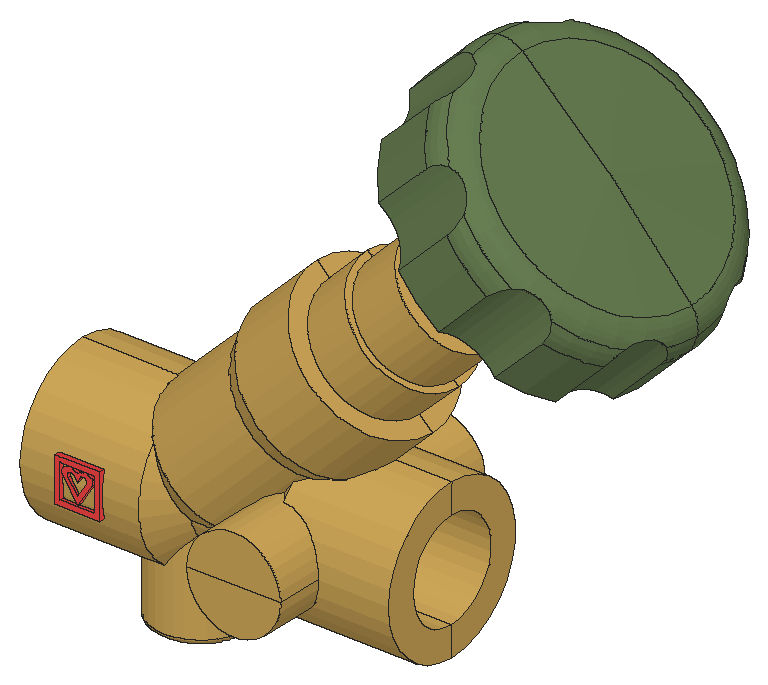
Revit family "HERZ Backflow Preventer With Check Valve 4126", category Rohrzubehör, Revit 2019
Family settings
  Bemaßung runder Anschluss = Durchmesser verwenden
  Teiletyp = Unterbricht
  OmniClass-Nummer = 23.65.55.14
  OmniClass-Titel = Valves for Liquid Services
  Arbeitsebenenbasiert = Nein
  Immer vertikal = Ja
  Beim Laden mit Abzugskörper schneiden = Nein
  Gemeinsam genutzt = Nein
Parameters
  Part number [instance] = size_lookup("4126_", "Artnr", 0, Nennweite)  # 2412602
  Operating pressure from the backflow preventer = "acc. to DIN EN 13959"  # constant formula
  W01 = 45.00°  # constant formula
  URL = "www.herzvalves.com"
  Spindle = "forged brass CW617N"  # constant formula
  SW01 = 60.00°  # constant formula
  SC_NennweiteBerechnet = 0
  SC_Dimension = ""
  SCTWSEQ = "FW;SBT_TYP_FW=\"109\";2"
  SCTWCODE = "04;00;02"  # constant formula
  S03 = 60.000 mm  # constant formula
  S02 [instance] = L06 + L09 + L12 + L15  # 95.900 mm
  S01 [instance] = R01 * 2  # 32.000 mm
  R12 [instance] = R01 - 1.000 mm  # 15.000 mm
  R11 [instance] = size_lookup("4126_", "R11", 46.500 mm, Nennweite)  # 5.400 mm
  R100 = 1.000 mm  # constant formula
  R10 [instance] = size_lookup("4126_", "R10", 46.500 mm, Nennweite)  # 8.500 mm
  R09 [instance] = size_lookup("4126_", "R9", 46.500 mm, Nennweite)  # 11.750 mm
  R08 [instance] = size_lookup("4126_", "R8", 46.500 mm, Nennweite)  # 13.000 mm
  R07 [instance] = size_lookup("4126_", "R7", 46.500 mm, Nennweite)  # 16.500 mm
  R06 [instance] = size_lookup("4126_", "R6", 43.000 mm, Nennweite)  # 14.600 mm
  R05 [instance] = Nennweite / 2  # 10.000 mm
  R04 [instance] = size_lookup("4126_", "R4", 11.500 mm, Nennweite)  # 9.500 mm
  R03 = 9.500 mm  # constant formula
  R02 [instance] = Nennweite / 2  # 10.000 mm
  R01 [instance] = size_lookup("4126_", "R1", 11.500 mm, Nennweite)  # 16.000 mm
  Note = "Pursuant to Article 33 of the REACH Regulation (EC No. 1907/2006), we are obliged to point out that the material lead is listed on the SVHC list and that all brass components manufactured in our products exceed 0.1% (w / w) lead (CAS: 7439-92-1 / EINECS: 231-100-4).\r\nSince lead is a component part of an alloy, actual exposure is not possible and therefore no additional information on safe use is necessary."
  Nennweite [instance] = 20.000 mm
  Medium = "Water"  # constant formula
  Max. operating temperature = 80 °C  # constant formula
  Max. operating pressure = 1600000.0 Pa  # constant formula
  Max. differential pressure on closed seat = 1000000.0 Pa  # constant formula
  L16 [instance] = L01 / 2  # 12.000 mm
  L15 [instance] = size_lookup("4126_", "L15", 12.400 mm, Nennweite)  # 12.400 mm
  L14 [instance] = size_lookup("4126_", "L14", 81.000 mm, Nennweite)  # 8.000 mm
  L12 [instance] = size_lookup("4126_", "L12", 81.000 mm, Nennweite)  # 33.500 mm
  L11 [instance] = size_lookup("4126_", "L11", 60.000 mm, Nennweite)  # 12.500 mm
  L10 [instance] = size_lookup("4126_", "L10", 20.000 mm, Nennweite)  # 11.000 mm
  L09 [instance] = size_lookup("4126_", "L9", 11.000 mm, Nennweite)  # 15.500 mm
  L08 [instance] = size_lookup("4126_", "L8", 35.000 mm, Nennweite)  # 30.100 mm
  L07 [instance] = size_lookup("4126_", "L7", 35.000 mm, Nennweite)  # 13.500 mm
  L06 [instance] = size_lookup("4126_", "L6", 118.000 mm, Nennweite) - L09  # 34.500 mm
  L05 [instance] = size_lookup("4126_", "L5", 44.000 mm, Nennweite)  # 26.500 mm
  L04 [instance] = size_lookup("4126_", "L4", 45.000 mm, Nennweite)  # 25.500 mm
  L03 = 15.000 mm  # constant formula
  L02 [instance] = size_lookup("4126_", "L2", 22.000 mm, Nennweite)  # 8.000 mm
  L01 [instance] = size_lookup("4126_", "L1", 48.000 mm, Nennweite)  # 24.000 mm
  L00 [instance] = size_lookup("4126_", "L", 180.000 mm, Nennweite)  # 75.000 mm
  Bonnet = "forged brass CW617N"  # constant formula
  Hersteller = "HERZ Armaturen Ges.m.b.H."  # constant formula
  Hand wheel = "plastic, green"  # constant formula
  H01 [instance] = size_lookup("4126_", "H1", 53.000 mm, Nennweite)  # 26.400 mm
  Occasional temperature rises = "up to 95°C, if they do not last longer than 1 h"  # constant formula
  DN50 [instance] = Nennweite = 50.000 mm  # no
  DN40 [instance] = Nennweite = 40.000 mm  # no
  DN32 [instance] = Nennweite = 32.000 mm  # no
  DN25-DN50 [instance] = or(Nennweite = 25.000 mm, Nennweite = 32.000 mm, Nennweite = 40.000 mm, Nennweite = 50.000 mm)  # no
  DN25 [instance] = Nennweite = 25.000 mm  # no
  DN20 [instance] = Nennweite = 20.000 mm  # yes
  DN15 [instance] = Nennweite = 15.000 mm  # no
  Body = "DZR brass CC770S"  # constant formula
  Application = "For shutting off drinking water installations and circulation pipes in buildings."
Reference planes
  plane 1 "Mitte (Vorne/hinten)": y = 0
  plane 2: z = 0
  plane 3 "Mitte (Links/rechts)": x = 0
Forms (mm)
  Revolve 1, solid, material "Messing, weicher Gelbton, geschweißt", detail levels fine
    sketch origin (470, 0, 0) x (1, 0, 0) y (0, 0, 1)
      loop
        line (-507.5, 10) -> (-492.5, 10) -> (-492.5, 0) -> (-447.5, 0) -> (-447.5, 10) -> (-432.5, 10) -> (-432.5, 16) -> (-456.5, 16) -> (-462, 10) -> (-478, 10) -> (-483.5, 16) -> (-507.5, 16) -> (-507.5, 10)
      axis (-507.5, 0) -> (-432.5, 0)
    angle from 0 to 360
  Revolve 2, solid, material "Messing, weicher Gelbton, geschweißt", detail levels fine
    sketch origin (470, 0, 0) x (1, 0, 0) y (0, 0, 1)
      loop
        line (-493, 0) -> (-493, -25.4)
        arc (-493, -25.4) -> (-492.707, -26.107) -> (-492, -26.4) r 1
        line (-492, -26.4) -> (-483.5, -26.4) -> (-483.5, 0) -> (-493, 0)
      axis (-483.5, 0) -> (-483.5, -26.4)
    angle from 0 to 360
  Revolve 3, solid, material "Messing, weicher Gelbton, geschweißt", detail levels fine
    sketch origin (0, 0, 0) x (1, 0, 0) y (0, 1, 0)
      loop
        line (13.5, -25.5) -> (23, -25.5) -> (23, 26.5) -> (13.5, 26.5) -> (13.5, -25.5)
      axis (13.5, -25.5) -> (13.5, 26.5)
    angle from 0 to 360
  Revolve 4, solid, material "Messing, weicher Gelbton, geschweißt", visible <- "DN25-DN50", detail levels fine
    sketch origin (-470, 0, 0) x (-1, 0, 0) y (0, 0, 1)
      loop
        line (-493, 0) -> (-493, -25.4)
        arc (-493, -25.4) -> (-492.707, -26.107) -> (-492, -26.4) r 1
        line (-492, -26.4) -> (-483.5, -26.4) -> (-483.5, 0) -> (-493, 0)
      axis (-483.5, 0) -> (-483.5, -26.4)
    angle from 0 to 360
  Revolve 5, solid, material "Messing, weicher Gelbton, geschweißt", detail levels fine
    sketch origin (0.32, 0, -0.105) x (1, 0, 0) y (0, 0, 1)
      loop
        line (-13.82, 0) -> (53.991, 67.812) -> (50.173, 71.63) -> (41.405, 62.862) -> (39.213, 65.054) -> (32.142, 57.983) -> (29.844, 60.281) -> (21.005, 51.442) -> (20.121, 52.326) -> (12.343, 44.548) -> (9.868, 47.023) -> (-1.092, 36.062) -> (-2.86, 31.608) -> (-18.487, 15.981) -> (-20.891, 7.071) -> (-13.82, 0)
      axis (-13.82, 0) -> (53.991, 67.812)
    angle from 0 to 360
Lines and regions (mm)
  model lines, detail levels coarse+medium
    curve 1: line (-37.5, 0, 16) -> (-37.5, 0, -16)
    curve 2: line (-37.5, 0, -16) -> (37.5, 0, 16)
    curve 3: line (37.5, 0, 16) -> (37.5, 0, -16)
    curve 4: line (37.5, 0, -16) -> (-37.5, 0, 16)
    curve 5: line (0, 0, 0) -> (47.95, 0, 83.052)
    curve 6: line (21.969, 0, 98.052) -> (73.931, 0, 68.052)
    curve 7: line (-37.5, -16, 0) -> (-37.5, 16, 0)
    curve 8: line (-37.5, 16, 0) -> (37.5, -16, 0)
    curve 9: line (37.5, -16, 0) -> (37.5, 16, 0)
    curve 10: line (37.5, 16, 0) -> (-37.5, -16, 0)
    curve 11: line (0, 0, 0) -> (47.95, 83.052, 0)
    curve 12: line (21.969, 98.052, 0) -> (73.931, 68.052, 0)
Dimensions and locks
  "H01": plane 2 to Revolve 2 sketch curve
  "L00": Revolve 1 sketch curve to Revolve 1 sketch curve
  equal spacing: Revolve 1 sketch curve, plane 3 "Mitte (Links/rechts)", Revolve 1 sketch curve
  "R01": Revolve 1 sketch curve to Revolve 1 sketch curve  (x2)
  "R02": Revolve 1 sketch curve to Revolve 1 sketch curve  (x3)
  "L01": Revolve 1 sketch curve to Revolve 1 sketch curve  (x2)
  "L02": plane 3 "Mitte (Links/rechts)" to Revolve 1 sketch curve
  "L02": Revolve 1 sketch curve to plane 3 "Mitte (Links/rechts)"
  "L03": Revolve 1 sketch curve to Revolve 1 sketch curve  (x2)
  "L01": Revolve 1 to Revolve 2 sketch curve
  "R03": Revolve 2 sketch curve to Revolve 2 sketch curve
  "L01": Revolve 4 sketch curve to Revolve 1
  "R03": Revolve 4 sketch curve to Revolve 4 sketch curve
  "H01": plane 2 to Revolve 4 sketch curve
  "L04": Revolve 3 sketch curve to plane 1 "Mitte (Vorne/hinten)"
  "L05": plane 1 "Mitte (Vorne/hinten)" to Revolve 3 sketch curve
  "R04": Revolve 3 sketch curve to Revolve 3 sketch curve
  "L01": Revolve 3 sketch curve to Revolve 1
  "R07": Revolve 5 sketch curve to Revolve 5 sketch curve
  "L07": plane 3 "Mitte (Links/rechts)" to Revolve 5 sketch curve
  "R05": Revolve 5 sketch curve to Revolve 5 sketch curve
  "L06": Revolve 5 sketch curve to Revolve 5 sketch curve
  "L08": Revolve 5 sketch curve to Revolve 5 sketch curve
  "R06": Revolve 5 sketch curve to Revolve 5 sketch curve
  "L14": Revolve 5 sketch curve to Revolve 5 sketch curve
  "L09": Revolve 5 sketch curve to Revolve 5 sketch curve
  "R08": Revolve 5 sketch curve to Revolve 5 sketch curve
  "L10": Revolve 5 sketch curve to Revolve 5 sketch curve
  "R09": Revolve 5 sketch curve to Revolve 5 sketch curve
  "R10": Revolve 5 sketch curve to Revolve 5 sketch curve
  "L12": Revolve 5 sketch curve to Revolve 5 sketch curve
  "R11": Revolve 5 sketch curve to Revolve 5 sketch curve
  "L15": Revolve 5 sketch curve to Revolve 5 sketch curve
  "L11": Revolve 5 sketch curve to Revolve 5 sketch curve
  "R12": nested 7 to plane 1 "Mitte (Vorne/hinten)"
  "L16": Revolve 1 to nested 7
  "L00": curve 1 to curve 3
  "S01": curve 4 to curve 2
  "S01": curve 3 to curve 4
  equal spacing: curve 4, plane 2, curve 2
  equal spacing: curve 3, plane 2, curve 4
  "S02": curve 5 to curve 5
  equal spacing: curve 6, curve 5, curve 6
  "S03": curve 6 to curve 6
  "L00": curve 7 to curve 9
  "S01": curve 10 to curve 8
  curve 9 to curve 10 = 32.000 mm
  equal spacing: curve 12, curve 11, curve 12
  "S03": curve 12 to curve 12
  "S02": curve 11 to curve 11
  equal spacing: curve 10, plane 1 "Mitte (Vorne/hinten)", curve 8
  equal spacing: curve 9, plane 1 "Mitte (Vorne/hinten)", curve 10
  equal spacing: curve 7, plane 3 "Mitte (Links/rechts)", curve 9
  equal spacing: Revolve 1, curve 5, Revolve 1
  equal spacing: curve 7, curve 11, Revolve 1
  equal spacing: curve 1, plane 3 "Mitte (Links/rechts)", curve 3
  "R100": radius of Revolve 2 sketch curve
  "R100": radius of Revolve 4 sketch curve
  "W01": angle plane 2 to Revolve 5 sketch curve
  "W01": angle level to Revolve 5 sketch curve
  "SW01": angle plane 2 to curve 5
  "SW01": angle plane 1 "Mitte (Vorne/hinten)" to curve 11
  aligned and locked: level to plane 2
Automatic sketch dimensions
  curve 5 to level = 0.000 mm
  plane 1 "Mitte (Vorne/hinten)" to curve 11 = 0.000 mm
  Revolve 1 sketch curve to level = 0.000 mm  (x2)
  Revolve 1 sketch curve to Revolve 1 sketch curve = 791.990 mm
  Revolve 1 sketch curve to Revolve 1 sketch curve = 2278.983 mm
  Revolve 2 sketch curve to level = 0.000 mm  (x2)
  Revolve 2 sketch curve to Revolve 2 sketch curve = 0.000 mm
  Revolve 2 sketch curve to Revolve 2 sketch curve = 0.292 mm
  Revolve 3 sketch curve to Revolve 3 sketch curve = 0.000 mm  (x3)
  Revolve 4 sketch curve to level = 0.000 mm  (x2)
  Revolve 4 sketch curve to Revolve 4 sketch curve = 0.000 mm
  Revolve 4 sketch curve to Revolve 4 sketch curve = 0.292 mm
  Revolve 5 sketch curve to level = 0.105 mm
  Revolve 5 sketch curve to Revolve 5 sketch curve = 0.000 mm  (x2)
Nested families
  nested 1: "Strömax-Handrad_Schrägsitz (Grün)" at (42.584, 0, 54.979), visible <- "DN15", type "Strömax-Handrad_Schrägsitz (Grün)", detail levels fine
    with Nennweite 0.000 mm, Gewicht 0.00 kg, Bestellnummer 0
  nested 2: "Strömax-Handrad_Schrägsitz (Grün)" at (54.312, 0, 67.707), visible <- "DN20", type "Strömax-Handrad_Schrägsitz (Grün)", detail levels fine
    with Nennweite 0.000 mm, Gewicht 0.00 kg, Bestellnummer 0
  nested 3: "Strömax-Handrad_Schrägsitz (Grün)" at (62.469, 0, 80.364), visible <- "DN25", type "Strömax-Handrad_Schrägsitz (Grün)", detail levels fine
    with Nennweite 0.000 mm, Gewicht 0.00 kg, Bestellnummer 0
  nested 4: "Strömax-Handrad_Schrägsitz (Grün)" at (71.712, 0, 91.607), visible <- "DN32", type "Strömax-Handrad_Schrägsitz (Grün)", detail levels fine
    with Nennweite 0.000 mm, Gewicht 0.00 kg, Bestellnummer 0
  nested 5: "Strömax-Handrad_Schrägsitz (Grün)" at (80.399, 0, 101.294), visible <- "DN40", type "Strömax-Handrad_Schrägsitz (Grün)", detail levels fine
    with Nennweite 0.000 mm, Gewicht 0.00 kg, Bestellnummer 0
  nested 6: "Strömax-Handrad_Schrägsitz (Grün)" at (97.83, 0, 129.225), visible <- "DN50", type "Strömax-Handrad_Schrägsitz (Grün)", detail levels fine
    with Nennweite 0.000 mm, Gewicht 0.00 kg, Bestellnummer 0
  nested 7: "Herz-Logo-vorne" at (-25.5, -15.732, 0) x (0, 1, 0) z (0, 0, 1), type "Herz-Logo-vorne", detail levels fine
Connectors
  piping at (-22.5, 0, 0), diameter 20, driven by "Nennweite"
    settings: on Revolve 1, index 1, connector inside diameter 609.6 mm, connector length 0.000 mm, flow factor 0, pipe flow 0.0 L/s, pressure drop 0.0 Pa, fitting loss kfactor 0, connector angle 0.00°, fixture units 0, engagement length 0.000 mm, angle of deflection 0.00°, flow configuration 0, flow direction 1, fitting loss method 0, system type 29, joint type 0, gender type 0, connector reference index -1, connector utility 0, adjustable connector no, is connector primary yes, connector description ""
  piping at (22.5, 0, 0), diameter 20, driven by "Nennweite"
    settings: on Revolve 1, index 2, connector inside diameter 609.6 mm, connector length 0.000 mm, flow factor 0, pipe flow 0.0 L/s, pressure drop 0.0 Pa, fitting loss kfactor 0, connector angle 0.00°, fixture units 0, engagement length 0.000 mm, angle of deflection 0.00°, flow configuration 0, flow direction 2, fitting loss method 0, system type 29, joint type 0, gender type 0, connector reference index -1, connector utility 0, adjustable connector no, is connector primary no, connector description ""
Definition of nested family "Strömax-Handrad_Schrägsitz (Grün)"
  Parameters (values of type "Strömax-Handrad_Schrägsitz (Grün)")
    URL = "www.herz-armaturen.at"
    Nennweite [instance] = 0.000 mm
    Manufacturer = "Herz Armaturen GmbH"  # constant formula
    Gewicht [instance] = 0.00 kg
    Bestellnummer [instance] = 0
  Reference planes
    plane 1 "Mitte (Vorne/hinten)": y = 0
    plane 2: z = 0
    plane 3 "Mitte (Links/rechts)": x = 0
  Forms (mm)
    Revolve 1, solid
      sketch origin (0, 0, 0) x (0.707107, 0, -0.707107) y (0.707107, 0, 0.707107)
        loop
          line (0, 0) -> (0, 22)
          arc (0, 22) -> (-12.15, 21.705) -> (-24.271, 20.819) r 250
          arc (-24.271, 20.819) -> (-26.831, 19.959) -> (-28.754, 18.063) r 6
          arc (-28.754, 18.063) -> (-29.682, 16.008) -> (-30, 13.776) r 8
          line (-30, 13.776) -> (-30, 0) -> (0, 0)
        axis (0, 22) -> (0, 0)
      angle from 0 to 360
    Extrusion 2, void
      sketch origin (0, 0, 0) x (0.707107, 0, -0.707107) y (0, 1, 0)
        loop
          circle (14.351, -34.645) r 10
      from 0 to 22
    Extrusion 3, void
      sketch origin (0, 0, 0) x (-0.707107, 0, 0.707107) y (0, -1, 0)
        loop
          circle (14.351, 34.645) r 10
      from 0 to 22
    Extrusion 4, void
      sketch origin (0, 0, 0) x (0, -1, 0) y (0.707107, 0, -0.707107)
        loop
          circle (14.351, 34.645) r 10
      from 0 to 22
    Extrusion 5, void
      sketch origin (0, 0, 0) x (0, 1, 0) y (-0.707107, 0, 0.707107)
        loop
          circle (14.351, -34.645) r 10
      from 0 to 22
    Extrusion 6, void
      sketch origin (0, 0, 0) x (0, -1, 0) y (0.707107, 0, -0.707107)
        loop
          circle (14.351, -34.645) r 10
      from 0 to 22
    Extrusion 7, void
      sketch origin (0, 0, 0) x (0, 1, 0) y (-0.707107, 0, 0.707107)
        loop
          circle (14.351, 34.645) r 10
      from 0 to 22
    Extrusion 8, void
      sketch origin (0, 0, 0) x (0.707107, 0, -0.707107) y (0, 1, 0)
        loop
          circle (14.351, 34.645) r 10
      from 0 to 22
    Extrusion 9, void
      sketch origin (0, 0, 0) x (-0.707107, 0, 0.707107) y (0, -1, 0)
        loop
          circle (14.351, -34.645) r 10
      from 0 to 22
  Cuts and joins
    Extrusion 2, Extrusion 3, Extrusion 4, Extrusion 5, Extrusion 6, Extrusion 7, Extrusion 8, Extrusion 9 cuts Revolve 1
  Dimensions and locks
    aligned and locked: level to plane 2
Definition of nested family "Herz-Logo-vorne"
  Reference planes
    plane 1 "Mitte (Vorne/hinten)": y = 0
    plane 2: z = 0
    plane 3 "Mitte (Links/rechts)": x = 0
  Forms (mm)
    Extrusion 1, solid
      sketch origin (0.732, -0.018, 0.017) x (0, -1, 0) y (0, 0, 1)
        loop
          line (-0.018, -4.517) -> (4.482, -4.517) -> (4.482, 4.483) -> (-4.518, 4.483) -> (-4.518, -4.517) -> (-0.018, -4.517)
        loop
          line (-0.05, -3.48) -> (3.482, -3.48) -> (3.482, 3.483) -> (-3.518, 3.483) -> (-3.518, -3.48) -> (-0.05, -3.48)
        loop
          arc (-0.018, 2.383) -> (-1.543, 3.287) -> (-3.067, 2.383) r 1.738
          arc (-3.067, 2.383) -> (-3.191, 1.899) -> (-3.067, 1.415) r 1.009
          line (-3.067, 1.415) -> (-0.018, -3.281) -> (3.032, 1.415)
          arc (3.032, 1.415) -> (3.156, 1.899) -> (3.032, 2.383) r 1.009
          arc (3.032, 2.383) -> (1.507, 3.287) -> (-0.018, 2.383) r 1.738
        loop
          arc (1.885, 1.272) -> (2.005, 1.675) -> (1.885, 2.079) r 0.74
          arc (1.885, 2.079) -> (1.265, 2.416) -> (0.644, 2.079) r 0.74
          line (0.644, 2.079) -> (-0.018, 0.97) -> (-0.679, 2.079)
          arc (-0.679, 2.079) -> (-1.3, 2.416) -> (-1.921, 2.079) r 0.74
          arc (-1.921, 2.079) -> (-2.04, 1.675) -> (-1.921, 1.272) r 0.74
          line (-1.921, 1.272) -> (-0.018, -1.658) -> (1.885, 1.272)
      from 0 to 1.5
  Dimensions and locks
    aligned and locked: level to plane 2
